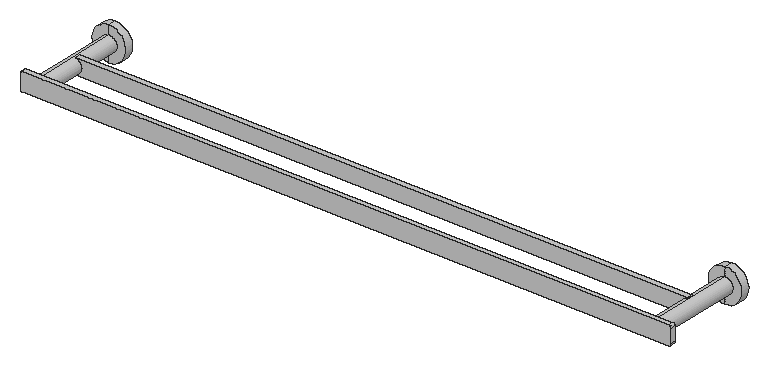
Revit family "Reece_Accessory_Milli_Marle Edit_Double Towel Rail", category Plumbing Fixtures, Revit 2018
Family settings
  Round Connector Dimension = Use Diameter
  Part Type = Normal
  Work Plane-Based = Yes
  Always vertical = Yes
  Cut with Voids When Loaded = Yes
  Shared = Yes
  Room Calculation Point = Yes
Parameters (values of type "800 mm_Brushed Nickel")
  URL = "https://www.reece.com.au/product/-9510549"
  Type Comments = "Accessory"
  Reece_Product_Web Page = "https://www.reece.com.au/product/-9510549"
  Reece_Product_Type = "Accessory"  # constant formula
  Reece_Product_Sub Brand = "Marle Edit"  # constant formula
  Reece_Product_Number = "9510549"
  Reece_Product_Mount = "Wall Mounted"
  Reece_Product_Description = "Milli Marle Edit Double Towel Rail 800mm Brushed Nickel"
  Reece_Product_Brand = "Milli"  # constant formula
  Reece_Overall_Width = 845 mm
  Reece_Overall_Projection = 126 mm  # constant formula
  Reece_Material_Main = Reece_Brass_Brushed Nickel
  Reece_Height_From_Level = 1000 mm
  Reece_Fixing Point_Distance = 800 mm
  Reece_Detail_Shape = "Double Towel Rail"  # constant formula
  Reece_Detail_Installation = ""
  Reece_Detail_Disclaimer = "THIS FILE IS THE PROPERTY OF THE REECE GROUP. IT MAY NOT BE REPRODUCED, REVERSE-ENGINEERED OR MODIFIED. ANY REPUBLICATION, TRANSMISSION OR DISTRIBUTION FOR THE PURPOSE OF COMMERCIALLY EXPLOITING THE FILES IS PROHIBITED."  # constant formula
  Reece_Detail_Connector = ""
  Reece_Detail_Additional = ""
  Model = "Marle Edit"
  Manufacturer = "Milli"
  Keynote = "Product #9510549, Reece_Accessory_Milli_Marle Edit_Double Towel Rail - 800 mm_Brushed Nickel"
  Disclaimer = "THIS FILE IS THE PROPERTY OF THE REECE GROUP. IT MAY NOT BE REPRODUCED, REVERSE-ENGINEERED OR MODIFIED. ANY REPUBLICATION, TRANSMISSION OR DISTRIBUTION FOR THE PURPOSE OF COMMERCIALLY EXPLOITING THE FILES IS PROHIBITED."  # constant formula
  Description = "Milli Marle Edit Double Towel Rail 800mm Brushed Nickel"
  Default Elevation = 0 mm
Types (11, lengths in mm): name | URL | Reece_Product_Web Page | Reece_Product_Number | Reece_Product_Description | Reece_Overall_Width | Reece_Material_Main | Reece_Fixing Point_Distance | Keynote | Description
  (no name) | "https://www.reece.com.au/product/-9510634" | "https://www.reece.com.au/product/-9510634" | "9510634" | "Milli Marle Edit Double Towel Rail 600mm Brushed Gold" | 645 | Reece_Brass_Brushed Gold | 600 | "Product #9510634, Reece_Accessory_Milli_Marle Edit_Double Towel Rail -  " | "Milli Marle Edit Double Towel Rail 600mm Brushed Gold"
  600 mm_Brushed Gold | "https://www.reece.com.au/product/-9510634" | "https://www.reece.com.au/product/-9510634" | "9510634" | "Milli Marle Edit Double Towel Rail 600mm Brushed Gold" | 645 | Reece_Brass_Brushed Gold | 600 | "Product #9510634, Reece_Accessory_Milli_Marle Edit_Double Towel Rail - 600 mm_Brushed Gold" | "Milli Marle Edit Double Towel Rail 600mm Brushed Gold"
  600 mm_Brushed Gunmetal | "https://www.reece.com.au/product/-9510643" | "https://www.reece.com.au/product/-9510643" | "9510643" | "Milli Marle Edit Double Towel Rail 600mm Brushed Gunmetal" | 645 | Reece_Brass_Brushed Gunmetal | 600 | "Product #9510643, Reece_Accessory_Milli_Marle Edit_Double Towel Rail - 600 mm_Brushed Gunmetal" | "Milli Marle Edit Double Towel Rail 600mm Brushed Gunmetal"
  600 mm_Brushed Nickel | "https://www.reece.com.au/product/-9510548" | "https://www.reece.com.au/product/-9510548" | "9510548" | "Milli Marle Edit Double Towel Rail 600mm Brushed Nickel" | 645 | Reece_Brass_Brushed Nickel | 600 | "Product #9510548, Reece_Accessory_Milli_Marle Edit_Double Towel Rail - 600 mm_Brushed Nickel" | "Milli Marle Edit Double Towel Rail 600mm Brushed Nickel"
  600 mm_Chrome | "https://www.reece.com.au/product/-9511276" | "https://www.reece.com.au/product/-9511276" | "9511276" | "Milli Marle Edit Double Towel Rail 600mm Chrome" | 645 | Reece_Brass_Chrome | 600 | "Product #9511276, Reece_Accessory_Milli_Marle Edit_Double Towel Rail - 600 mm_Chrome" | "Milli Marle Edit Double Towel Rail 600mm Chrome"
  600 mm_Matte Black | "https://www.reece.com.au/product/-9511284" | "https://www.reece.com.au/product/-9511284" | "9511284" | "Milli Marle Edit Double Towel Rail 600mm Matte Black" | 645 | Reece_Brass_Matte Black | 600 | "Product #9511284, Reece_Accessory_Milli_Marle Edit_Double Towel Rail - 600 mm_Matte Black" | "Milli Marle Edit Double Towel Rail 600mm Matte Black"
  800 mm_Brushed Gold | "https://www.reece.com.au/product/-9510635" | "https://www.reece.com.au/product/-9510635" | "9510635" | "Milli Marle Edit Double Towel Rail 800mm Brushed Gold" | 845 | Reece_Brass_Brushed Gold | 800 | "Product #9510635, Reece_Accessory_Milli_Marle Edit_Double Towel Rail - 800 mm_Brushed Gold" | "Milli Marle Edit Double Towel Rail 800mm Brushed Gold"
  800 mm_Brushed Gunmetal | "https://www.reece.com.au/product/-9510644" | "https://www.reece.com.au/product/-9510644" | "9510644" | "Milli Marle Edit Double Towel Rail 800mm Brushed Gunmetal" | 845 | Reece_Brass_Brushed Gunmetal | 800 | "Product #9510644, Reece_Accessory_Milli_Marle Edit_Double Towel Rail - 800 mm_Brushed Gunmetal" | "Milli Marle Edit Double Towel Rail 800mm Brushed Gunmetal"
  800 mm_Brushed Nickel | "https://www.reece.com.au/product/-9510549" | "https://www.reece.com.au/product/-9510549" | "9510549" | "Milli Marle Edit Double Towel Rail 800mm Brushed Nickel" | 845 | Reece_Brass_Brushed Nickel | 800 | "Product #9510549, Reece_Accessory_Milli_Marle Edit_Double Towel Rail - 800 mm_Brushed Nickel" | "Milli Marle Edit Double Towel Rail 800mm Brushed Nickel"
  800 mm_Chrome | "https://www.reece.com.au/product/-9511277" | "https://www.reece.com.au/product/-9511277" | "9511277" | "Milli Marle Edit Double Towel Rail 800mm Chrome" | 845 | Reece_Brass_Chrome | 800 | "Product #9511277, Reece_Accessory_Milli_Marle Edit_Double Towel Rail - 800 mm_Chrome" | "Milli Marle Edit Double Towel Rail 800mm Chrome"
  800 mm_Matte Black | "https://www.reece.com.au/product/-9511285" | "https://www.reece.com.au/product/-9511285" | "9511285" | "Milli Marle Edit Double Towel Rail 800mm Matte Black" | 845 | Reece_Brass_Matte Black | 800 | "Product #9511285, Reece_Accessory_Milli_Marle Edit_Double Towel Rail - 800 mm_Matte Black" | "Milli Marle Edit Double Towel Rail 800mm Matte Black"
Reference planes
  plane 1 "Center (Front/Back)": y = 0
  plane 2 "Bottom Host Plane": z = -5
  plane 3 "Center (Left/Right)": x = 0
  plane 4 "left": x = -400
  plane 5 "right": x = 400
  plane 6: z = 1000
  plane 7: x = -422.5
  plane 8: x = 422.5
  plane 9: y = -126.058
  plane 10: z = 1011.788
  plane 11: z = 987.762
  plane 12: z = 1021.984
  plane 13: z = 978.016
Forms (mm)
  Revolve 1, solid, material "Reece_Brass_Brushed Nickel" <- "Reece_Material_Main"
    sketch origin (-400, -27.729, 1200) x (0, -1, 0) y (0, 0, 1)
      loop
        line (-27.729, -178.016) -> (-27.729, -200) -> (93.856, -200) -> (93.856, -190.082) -> (-17.676, -190.082) -> (-17.676, -178.016) -> (-27.729, -178.016)
      axis (-27.729, -200) -> (93.856, -200)
    angle from 0 to 360
  Revolve 2, solid, material "Reece_Brass_Brushed Nickel" <- "Reece_Material_Main"
    sketch origin (400, -27.729, 1200) x (0, -1, 0) y (0, 0, 1)
      loop
        line (-27.729, -178.016) -> (-27.729, -200) -> (93.856, -200) -> (93.856, -190.082) -> (-17.676, -190.082) -> (-17.676, -178.016) -> (-27.729, -178.016)
      axis (-27.729, -200) -> (93.856, -200)
    angle from 0 to 360
  Extrusion 3, solid, material "Reece_Brass_Brushed Nickel" <- "Reece_Material_Main"
    sketch origin (2.5, 59.466, 0) x (1, 0, 0) y (0, 0, 1)
      loop
        line (394.475, 1009.906) -> (-399.867, 1009.906)
        arc (-399.867, 1009.906) -> (-401.729, 1009.134) -> (-402.5, 1007.273) r 2.633
        line (-402.5, 1007.273) -> (-402.5, 993.037)
        arc (-402.5, 993.037) -> (-401.643, 990.967) -> (-399.573, 990.109) r 2.927
        line (-399.573, 990.109) -> (394.3, 990.109)
        arc (394.3, 990.109) -> (396.563, 991.047) -> (397.5, 993.31) r 3.2
        line (397.5, 993.31) -> (397.5, 1006.88)
        arc (397.5, 1006.88) -> (396.614, 1009.02) -> (394.475, 1009.906) r 3.025
    from 120.023 to 127.023
  Extrusion 4, solid, material "Reece_Brass_Brushed Nickel" <- "Reece_Material_Main"
    sketch origin (0, 0.006, 0) x (1, 0, 0) y (0, 0, 1)
      loop
        line (419.475, 1011.788) -> (-419.867, 1011.788)
        arc (-419.867, 1011.788) -> (-421.729, 1011.017) -> (-422.5, 1009.155) r 2.633
        line (-422.5, 1009.155) -> (-422.5, 990.689)
        arc (-422.5, 990.689) -> (-421.643, 988.619) -> (-419.573, 987.762) r 2.927
        line (-419.573, 987.762) -> (419.3, 987.762)
        arc (419.3, 987.762) -> (421.563, 988.699) -> (422.5, 990.962) r 3.2
        line (422.5, 990.962) -> (422.5, 1008.763)
        arc (422.5, 1008.763) -> (421.614, 1010.902) -> (419.475, 1011.788) r 3.025
    from 120.023 to 126.064
Cuts and joins
  joined: Revolve 1, Revolve 2, Extrusion 3, Extrusion 4
Lines and regions (mm)
  model lines, style "InvisibleLines"
    curve 1: line (0, 0, -5) -> (0, 0, 1000)
Text (mm)
  text "Reece ©" at (2603.014, -2075.809, 3337.99), in view "Reece Preview"
  text "Reece Copyright © 2018, Reece Ltd." at (332.66, -200.391, 0), in view "Ref. Level"
Dimensions and locks
  plane 2 "Bottom Host Plane" to level = 5 mm
  "Reece_Fixing Point_Distance": plane 4 "left" to plane 5 "right"
  locked: level to plane 2 "Bottom Host Plane" at 5
  Revolve 1 sketch curve to Revolve 1 sketch curve to Revolve 1 sketch curve to Revolve 1 sketch curve to plane 6 to Revolve 1 sketch curve to Revolve 1 sketch curve = 0 mm locked, 12.066 mm locked, 0 mm locked, 9.918 mm locked, 0 mm locked, 0 mm locked
  Revolve 2 sketch curve to Revolve 2 sketch curve to Revolve 2 sketch curve to Revolve 2 sketch curve to plane 6 to Revolve 2 sketch curve to Revolve 2 sketch curve = 0 mm locked, 12.066 mm locked, 0 mm locked, 9.918 mm locked, 0 mm locked, 0 mm locked
  "Reece_Height_From_Level": plane 6 to level
  plane 9 to plane 1 "Center (Front/Back)" = 126.058 mm  (x2)
  equal spacing: plane 4 "left", plane 3 "Center (Left/Right)", plane 5 "right"
  plane 7 to plane 4 "left" to plane 5 "right" to plane 8 = 22.5 mm, 800 mm, 22.5 mm
  plane 10 to plane 11 = 24.026 mm  (x2)
  plane 1 "Center (Front/Back)" to plane 9 = 126.058 mm
  plane 13 to plane 12 = 43.968 mm  (x3)
  plane 6 to level = 1000 mm
  plane 4 "left" to plane 5 "right" = 800 mm
  plane 12 to plane 13 = 43.968 mm
  plane 8 to plane 5 "right" = 22.5 mm  (x2)
  plane 7 to plane 4 "left" = 22.5 mm  (x2)
  plane 5 "right" to plane 4 "left" = 800 mm
  "Reece_Overall_Width": plane 7 to plane 8
  aligned and locked: Extrusion 3 sketch curve to plane 5 "right"
  aligned and locked: plane 4 "left" to Extrusion 3 sketch curve
Automatic sketch dimensions
  curve 1 to plane 3 "Center (Left/Right)" = 0 mm
  curve 1 to plane 2 "Bottom Host Plane" = 0 mm
  curve 1 to plane 6 = 0 mm
  Revolve 1 sketch curve to plane 6 = 0 mm
  Revolve 1 sketch curve to plane 1 "Center (Front/Back)" = 0 mm
  plane 1 "Center (Front/Back)" to Revolve 1 sketch curve = 10.053 mm
  plane 9 to Revolve 1 sketch curve = 4.472 mm
  Revolve 1 sketch curve to Revolve 1 sketch curve = 50.978 mm
  Revolve 1 sketch curve to Revolve 1 sketch curve = 69.436 mm
  Revolve 2 sketch curve to plane 6 = 0 mm
  Revolve 2 sketch curve to plane 1 "Center (Front/Back)" = 0 mm
  Revolve 2 sketch curve to Revolve 2 sketch curve = 10.053 mm
  Revolve 2 sketch curve to plane 9 = 4.472 mm
  plane 1 "Center (Front/Back)" to Revolve 2 sketch curve = 75 mm
  plane 9 to Revolve 2 sketch curve = 13.942 mm
  Extrusion 3 sketch curve to Extrusion 3 sketch curve = 2.633 mm
  Extrusion 3 sketch curve to Extrusion 3 sketch curve = 2.927 mm
  Extrusion 3 sketch curve to plane 8 = 25.7 mm
  Extrusion 3 sketch curve to plane 8 = 25.525 mm
  Extrusion 3 sketch curve to plane 6 = 9.891 mm
  plane 6 to Extrusion 3 sketch curve = 6.88 mm
  plane 7 to Extrusion 4 sketch curve = 0 mm
  Extrusion 4 sketch curve to plane 8 = 0 mm
  Extrusion 4 sketch curve to plane 7 = 2.633 mm
  Extrusion 4 sketch curve to plane 7 = 2.927 mm
  Extrusion 4 sketch curve to Extrusion 4 sketch curve = 3.2 mm
  Extrusion 4 sketch curve to plane 8 = 3.025 mm
  Extrusion 4 sketch curve to plane 6 = 12.238 mm
  plane 6 to Extrusion 4 sketch curve = 8.763 mm
